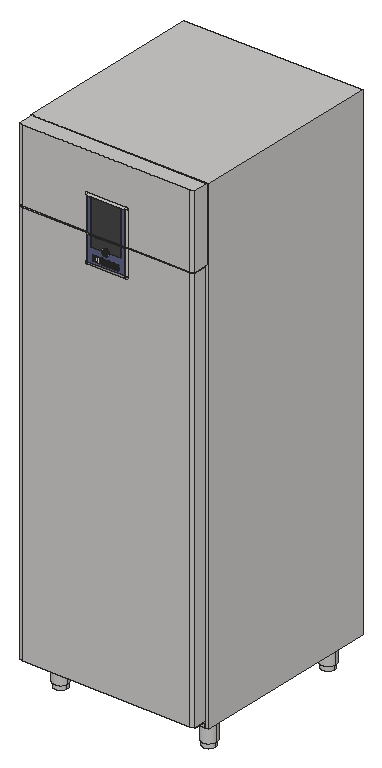
Revit family "QF_ELECTROLUXPROFESSIONAL_725383_ERX71GF", category Specialty Equipment, Revit 2018
Family settings
  Round Connector Dimension = Use Diameter
  Part Type = Normal
  Work Plane-Based = No
  Always vertical = Yes
  Cut with Voids When Loaded = No
  Shared = No
  Room Calculation Point = No
Parameters (values of type "Standard")
  Weight = 112.00 kg
  Watts = 0 W
  Volts = 220 V
  URL Manufacturer = "http://professional.electrolux.com"
  URL = "http://professional.electrolux.com"
  Steam Supply Size = 0 mm
  Steam Supply Minimum Pressure = 0.0 Pa
  Steam Supply Maximum Pressure = 0.0 Pa
  Steam Pounds per Hour = 0
  Refrigeration Suction Line Size = 0 mm
  Refrigeration Liquid Line Size = 0 mm
  Refrigerant Compressor Remote = yes
  Manufacturer = "Electrolux Professional"
  Phase = 1
  Model = "ERX71GF"
  Length Actual = 710 mm  # constant formula
  Item Number = "725383"
  Hot Water Size = 0 mm
  Height Actual = 2050 mm  # constant formula
  HP = "0.9 HP"
  Gas Size = 0 mm
  Gas KW = 0
  Gas Input Pressure = 0 W
  Direct Waste Size = 0 mm
  Description = "1-GLASS DOOR FREEZER 670L -20-15°C, DIGITAL, A304-R290"
  Depth Actual = 835 mm  # constant formula
  Cycle = 50 Hz
  Condensate Return Size = 0 mm
  Compressed Air Volume = 0.0 L/s
  Compressed Air Size = 0 mm
  Compressed Air Pressure = 0.0 Pa
  Cold Water Size = 0 mm
  Accessory = yes
Reference planes
  plane 1 "Center (Front/Back)": y = 0
  plane 2: z = 0
  plane 3 "Center (Left/Right)": x = 0
  plane 4 "BASE": z = 110
  plane 5 "TOP": z = 2050
  plane 6 "FRONT": y = -417.5
  plane 7 "BACK": y = 417.5
  plane 8 "LEFT": x = -355
  plane 9 "RIGHT": x = 355
  plane 10 "RO_X": y = -166.5
  plane 11 "RO_Y": x = -245
  plane 12 "REMOTE_Z": z = 1802
  plane 13 "RI_Y": x = -205
  plane 14 "RI_X": y = -187.5
Forms (mm)
  Extrusion 1, solid, material "QF_Finishes_Stainless Steel"
    sketch origin (0, 0, 0) x (1, 0, 0) y (0, 1, 0)
      loop
        circle (-278, 344.5) r 25
      loop
        circle (278, 344.5) r 25
      loop
        circle (-295, -269.5) r 25
      loop
        circle (295, -269.5) r 25
    from 0 to 20
  Extrusion 2, solid, material "QF_Finishes_Stainless Steel"
    sketch origin (0, 0, 0) x (1, 0, 0) y (0, 1, 0)
      loop
        circle (-278, 344.5) r 30
      loop
        circle (278, 344.5) r 30
      loop
        circle (295, -269.5) r 30
      loop
        circle (-295, -269.5) r 30
    from 20 to 110
  Extrusion 3, solid, material "QF_Finishes_Stainless Steel"
    sketch origin (0, 0, 110) x (-1, 0, 0) y (0, -1, 0)
      loop
        line (355, -417.5) -> (355, 345.5) -> (-355, 345.5) -> (-355, -417.5) -> (355, -417.5)
    from 0 to 1940
  Extrusion 4, solid
    sketch origin (0, 417.5, 1660) x (-1, 0, 0) y (0, 0, 1)
      loop
        circle (339, 124) r 10
    from 0 to 3.2
  Extrusion 5, solid, material "QF_Door-Drawer Clearances", detail levels coarse
    sketch origin (0, 0, 110) x (-1, 0, 0) y (0, -1, 0)
      loop
        line (-345, 409.5) -> (-283, 409.5) -> (-283, 1006.5) -> (-301, 1006.5) -> (-301, 1024.5) -> (-323, 1024.5) -> (-323, 1062.5) -> (-345, 1062.5) -> (-345, 409.5)
    from 1642.965 to 28
  Extrusion 6, solid, material "QF_Door-Drawer Clearances", detail levels coarse
    sketch origin (0, 0, 110) x (-1, 0, 0) y (0, -1, 0)
      loop
        line (-283, 409.5) -> (347, 409.5)
        arc (347, 409.5) -> (150.684, 878.295) -> (-323, 1062.5) r 650
        line (-323, 1062.5) -> (-323, 1024.5) -> (-301, 1024.5) -> (-301, 1006.5) -> (-283, 1006.5) -> (-283, 409.5)
    from 1642.965 to 28
  Extrusion 7, solid, material "QF_Clearances", detail levels coarse
    sketch origin (0, 0, 110) x (-1, 0, 0) y (0, -1, 0)
      loop
        line (355, 417.5) -> (355, -417.5) -> (-355, -417.5) -> (-355, 417.5) -> (-375, 417.5) -> (-375, -447.5) -> (375, -447.5) -> (375, 417.5) -> (355, 417.5)
    from -110 to 1940
  Extrusion 8, solid, material "QF_Clearances", detail levels coarse
    sketch origin (0, 0, 2050) x (-1, 0, 0) y (0, -1, 0)
      loop
        line (375, -447.5) -> (375, 417.5) -> (-375, 417.5) -> (-375, -447.5) -> (375, -447.5)
    from 0 to 500
  Extrusion 9, void
    sketch origin (0, 417.5, 0) x (-1, 0, 0) y (0, 0, 1)
      loop
        line (280, 1724.965) -> (-280, 1724.965) -> (-280, 180) -> (0, 170) -> (280, 179.676) -> (280, 1724.965)
    from -56 to -763
  Extrusion 10, solid, material "QF_Finishes_Stainless Steel"
    sketch origin (0, 0, 2050) x (-1, 0, 0) y (0, -1, 0)
      loop
        circle (245, 166.5) r 4.75
    from -141.254 to -29
  Extrusion 11, solid, material "QF_Finishes_Stainless Steel"
    sketch origin (0, 0, 0) x (0, 1, 0) y (0, 0, 1)
      loop
        circle (-187.5, 1855) r 3
    from -90.986 to -205
Cuts and joins
  joined: Extrusion 7, Extrusion 8
  Extrusion 9 cuts Extrusion 3
Lines and regions (mm)
  symbolic lines, style "SpecialityEquipmentHiddenLines"
    curve 1: line (345, -409.5, 110) -> (345, -1062.5, 110)
    curve 2: line (345, -1062.5, 110) -> (323, -1062.5, 110)
    curve 3: line (283, -409.5, 110) -> (283, -1006.5, 110)
    curve 4: line (323, -1062.5, 110) -> (323, -1024.5, 110)
    curve 5: line (323, -1024.5, 110) -> (301, -1024.5, 110)
    curve 6: line (301, -1024.5, 110) -> (301, -1006.5, 110)
    curve 7: line (301, -1006.5, 110) -> (283, -1006.5, 110)
    curve 8: arc (-347, -409.5, 110) -> (-150.684, -878.295, 110) -> (323, -1062.5, 110) r 650
  symbolic lines, style "QF_Clearances", detail levels coarse
    curve 9: line (-355, -417.5, 2050) -> (-375, -417.5, 2050)
    curve 10: line (-375, -417.5, 2050) -> (-375, 447.5, 2050)
    curve 11: line (-375, 447.5, 2050) -> (375, 447.5, 2050)
    curve 12: line (375, 447.5, 2050) -> (375, -417.5, 2050)
    curve 13: line (375, -417.5, 2050) -> (355, -417.5, 2050)
  symbolic lines
    curve 14: line (355, 417.5, 2050) -> (-355, 417.5, 2050)
    curve 15: line (355, -345.5, 2050) -> (355, 417.5, 2050)
    curve 16: line (-355, -345.5, 2050) -> (355, -345.5, 2050)
    curve 17: line (-355, 417.5, 2050) -> (-355, -345.5, 2050)
Dimensions and locks
  equal spacing: plane 7 "BACK", plane 1 "Center (Front/Back)", plane 6 "FRONT"
  equal spacing: plane 8 "LEFT", plane 3 "Center (Left/Right)", plane 9 "RIGHT"
  plane 8 "LEFT" to plane 9 "RIGHT" = 710 mm
  plane 7 "BACK" to plane 6 "FRONT" = 835 mm
  plane 5 "TOP" to plane 2 = 2050 mm
  plane 7 "BACK" to plane 10 "RO_X" = 584 mm
  plane 8 "LEFT" to plane 11 "RO_Y" = 110 mm
  Extrusion 10 to plane 12 "REMOTE_Z" = 219 mm
  plane 14 "RI_X" to plane 7 "BACK" = 605 mm
  aligned and locked: level to plane 2
Automatic sketch dimensions
  Extrusion 3 sketch curve to plane 7 "BACK" = 0 mm
  Extrusion 3 sketch curve to plane 9 "RIGHT" = 0 mm
  Extrusion 3 sketch curve to plane 8 "LEFT" = 0 mm
  plane 8 "LEFT" to Extrusion 4 sketch curve = 16 mm
  plane 4 "BASE" to Extrusion 4 sketch curve = 1674 mm
  plane 9 "RIGHT" to curve 1 = 10 mm
  curve 1 to curve 2 = 22 mm
  plane 6 "FRONT" to curve 8 = 4.692 mm
  curve 7 to plane 6 "FRONT" = 589 mm
  curve 6 to curve 5 = 18 mm
  curve 4 to curve 2 = 38 mm
  plane 6 "FRONT" to curve 8 = 8 mm
  plane 6 "FRONT" to curve 1 = 8 mm
  plane 6 "FRONT" to curve 3 = 8 mm
  plane 9 "RIGHT" to Extrusion 5 sketch curve = 10 mm
  Extrusion 5 sketch curve to plane 6 "FRONT" = 589 mm
  Extrusion 5 sketch curve to Extrusion 5 sketch curve = 18 mm
  Extrusion 5 sketch curve to Extrusion 5 sketch curve = 38 mm
  plane 6 "FRONT" to Extrusion 5 sketch curve = 8 mm
  plane 6 "FRONT" to Extrusion 6 sketch curve = 4.692 mm
  Extrusion 6 sketch curve to Extrusion 6 sketch curve = 18 mm  (x2)
  Extrusion 6 sketch curve to Extrusion 6 sketch curve = 38 mm
  plane 8 "LEFT" to Extrusion 6 sketch curve = 8 mm
  plane 6 "FRONT" to Extrusion 6 sketch curve = 8 mm
  Extrusion 7 sketch curve to plane 6 "FRONT" = 0 mm  (x2)
  Extrusion 7 sketch curve to plane 7 "BACK" = 0 mm
  Extrusion 7 sketch curve to plane 9 "RIGHT" = 0 mm
  Extrusion 7 sketch curve to plane 8 "LEFT" = 0 mm
  Extrusion 7 sketch curve to plane 9 "RIGHT" = 20 mm
  Extrusion 7 sketch curve to plane 8 "LEFT" = 20 mm
  plane 7 "BACK" to Extrusion 7 sketch curve = 30 mm
  Extrusion 8 sketch curve to plane 6 "FRONT" = 0 mm
  Extrusion 8 sketch curve to plane 9 "RIGHT" = 20 mm
  Extrusion 8 sketch curve to plane 8 "LEFT" = 20 mm
  plane 7 "BACK" to Extrusion 8 sketch curve = 30 mm
  plane 8 "LEFT" to Extrusion 1 sketch curve = 60 mm
  plane 8 "LEFT" to Extrusion 1 sketch curve = 77 mm
  plane 9 "RIGHT" to Extrusion 1 sketch curve = 77 mm
  plane 9 "RIGHT" to Extrusion 1 sketch curve = 60 mm
  plane 6 "FRONT" to Extrusion 1 sketch curve = 148 mm  (x2)
  Extrusion 1 sketch curve to plane 7 "BACK" = 73 mm  (x2)
  plane 8 "LEFT" to Extrusion 2 sketch curve = 60 mm
  plane 8 "LEFT" to Extrusion 2 sketch curve = 77 mm
  plane 9 "RIGHT" to Extrusion 2 sketch curve = 77 mm
  plane 9 "RIGHT" to Extrusion 2 sketch curve = 60 mm
  plane 6 "FRONT" to Extrusion 2 sketch curve = 148 mm  (x2)
  Extrusion 2 sketch curve to plane 7 "BACK" = 73 mm  (x2)
  plane 6 "FRONT" to Extrusion 3 sketch curve = 72 mm
  curve 1 to curve 8 = 42.008 mm
  curve 4 to curve 5 = 22 mm
  curve 6 to curve 3 = 18 mm
  plane 9 "RIGHT" to Extrusion 5 sketch curve = 32 mm
  Extrusion 5 sketch curve to Extrusion 5 sketch curve = 22 mm
  Extrusion 5 sketch curve to Extrusion 5 sketch curve = 62 mm
  plane 9 "RIGHT" to Extrusion 6 sketch curve = 72 mm
  Extrusion 6 sketch curve to Extrusion 6 sketch curve = 19.992 mm
  Extrusion 6 sketch curve to Extrusion 6 sketch curve = 22 mm
  Extrusion 9 sketch curve to plane 3 "Center (Left/Right)" = 0 mm
  plane 8 "LEFT" to Extrusion 9 sketch curve = 75 mm
  plane 4 "BASE" to Extrusion 9 sketch curve = 60 mm
  plane 4 "BASE" to Extrusion 9 sketch curve = 69.676 mm
  Extrusion 9 sketch curve to plane 5 "TOP" = 325.035 mm
  plane 9 "RIGHT" to Extrusion 9 sketch curve = 75 mm
  Extrusion 9 sketch curve to Extrusion 9 sketch curve = 0.324 mm
  Extrusion 10 sketch curve to plane 10 "RO_X" = 0 mm
  Extrusion 10 sketch curve to plane 11 "RO_Y" = 0 mm
  Extrusion 11 sketch curve to plane 10 "RO_X" = 21 mm
  Extrusion 11 sketch curve to plane 12 "REMOTE_Z" = 53 mm
  curve 12 to plane 6 "FRONT" = 0 mm
  curve 15 to plane 7 "BACK" = 0 mm
  curve 15 to plane 9 "RIGHT" = 0 mm
  curve 13 to plane 9 "RIGHT" = 0 mm
  curve 17 to plane 8 "LEFT" = 0 mm
  curve 9 to plane 6 "FRONT" = 0 mm
  curve 9 to plane 8 "LEFT" = 0 mm
  curve 12 to plane 9 "RIGHT" = 20 mm
  curve 9 to curve 10 = 20 mm
  plane 7 "BACK" to curve 12 = 30 mm
  plane 6 "FRONT" to curve 15 = 72 mm
  radius of Extrusion 1 sketch curve = 25 mm  (x4)
  radius of Extrusion 2 sketch curve = 30 mm  (x4)
  radius of Extrusion 4 sketch curve = 10 mm
  radius of Extrusion 10 sketch curve = 4.75 mm
  radius of Extrusion 11 sketch curve = 3 mm
Nested families
  nested 1: "QF_727885_Door" at (0, -345.5, 968.365) x (1, 0, 0) z (0, -1, 0), type "QF_727885_Door"
    with Show Clearance yes
  nested 2: "Refrigerator" at (355, -417.5, 2050), type "Refrigerator"
Connectors
  electrical at (-339, 420.7, 1784), driven by "Volts"
    settings: on Extrusion 4, index 2, voltage 220 V, apparent load 0 VA, apparent load phase1 0 VA, apparent load phase2 0 VA, apparent load phase3 0 VA, power factor 1, load classification "Other", number of poles 1, system type 30, power factor state 1, is connector primary yes, connector utility no, sub classification motor no, connector description "Electrical Connection"
  piping at (-245, -166.5, 2021)
    settings: on Extrusion 10, index 3, connector diameter 0 mm, connector inside diameter 609.6 mm, connector length 0 mm, flow factor 0, pipe flow 0.0 L/s, pressure drop 0.0 Pa, fitting loss kfactor 0, connector angle 0.00°, fixture units 0, engagement length 0 mm, angle of deflection 0.00°, flow configuration 1, flow direction 2, fitting loss method 0, system type 8, joint type 0, gender type 0, connector reference index -1, connector utility 0, adjustable connector no, is connector primary yes, connector description "Refrigerant Outlet"
  piping at (-205, -187.5, 1855)
    settings: on Extrusion 11, index 4, connector diameter 0 mm, connector inside diameter 609.6 mm, connector length 0 mm, flow factor 0, pipe flow 0.0 L/s, pressure drop 0.0 Pa, fitting loss kfactor 0, connector angle 0.00°, fixture units 0, engagement length 0 mm, angle of deflection 0.00°, flow configuration 1, flow direction 1, fitting loss method 0, system type 7, joint type 0, gender type 0, connector reference index -1, connector utility 0, adjustable connector no, is connector primary no, connector description "Refrigerant Inlet"
Definition of nested family "QF_727885_Door"
  Parameters
    Show Clearance [instance] = yes
    Model = "725239"
    Default Elevation = 1219.2 mm
  Reference planes
    plane 1 "Center (Front/Back)": y = 0
    plane 2: z = 0
    plane 3 "Center (Left/Right)": x = 0
  Forms (mm)
    Extrusion 1, solid
      sketch origin (0, -919.2, 0) x (1, 0, 0) y (0, 1, 0)
        loop
          line (-460, 2119.2) -> (-460, -162.846) -> (488.967, -162.846) -> (488.967, 2119.2) -> (-460, 2119.2)
      from 0 to -59.546
    Extrusion 2, solid
      sketch origin (0, 0, 0) x (1, 0, 0) y (0, 0, 1)
        loop
          line (-347, 60) -> (-347, 0) -> (347, 0) -> (347, 60) -> (332, 64) -> (-332, 64) -> (-347, 60)
      from -1081.6 to -791.6
    Extrusion 3, solid
      sketch origin (0, 0, 0) x (1, 0, 0) y (0, 0, 1)
        loop
          line (-347, 60) -> (-347, 26) -> (-325, 26) -> (-325, 8) -> (-307, 8) -> (-307, 0) -> (339, 0) -> (339, 8) -> (347, 8) -> (347, 60) -> (332, 64) -> (-332, 64) -> (-347, 60)
      from -784.6 to 830.4
    Extrusion 4, solid
      sketch origin (119, -516.365, 0) x (0, 1, 0) y (0, 0, 1)
        loop
          line (-323.003, 40.312) -> (-316.501, 40.312) -> (-316.501, 42.812) -> (-325.503, 42.812) -> (-325.503, 2.5) -> (-342, 2.5) -> (-342, 0) -> (-323.003, 0) -> (-323.003, 12.259) -> (-323.003, 40.312)
        loop
          line (-314, 38.311) -> (-316.501, 38.311) -> (-316.501, 14.304) -> (-319.752, 14.304) -> (-319.752, 11.804) -> (-314, 11.804) -> (-314, 38.311)
      from 185 to 220
    Extrusion 5, solid
      sketch origin (119, 469.597, 0) x (0, 1, 0) y (0, 0, 1)
        loop
          line (315.003, 27.948) -> (315.003, 2.948) -> (315.003, 0) -> (322.003, 0) -> (322.003, 2.5) -> (317.503, 2.5) -> (317.503, 27.948) -> (315.003, 27.948)
      from 185 to 220
  Lines and regions (mm)
    symbolic lines
      curve 1: line (-332, 0, 64) -> (332, 0, 64)
      curve 2: line (-347, 0, 0) -> (-347, 0, 60)
      curve 3: line (347, 0, 0) -> (-347, 0, 0)
      curve 4: line (347, 0, 60) -> (347, 0, 0)
      curve 5: line (-347, 0, 26) -> (-325, 0, 26)
      curve 6: line (-325, 0, 26) -> (-325, 0, 8)
      curve 7: line (-325, 0, 8) -> (-307, 0, 8)
      curve 8: line (-307, 0, 8) -> (-307, 0, 0)
      curve 9: line (339, 0, 8) -> (347, 0, 8)
      curve 10: line (339, 0, 8) -> (339, 0, 0)
      curve 11: line (347, 0, 60) -> (332, 0, 64)
      curve 12: line (-332, 0, 64) -> (-347, 0, 60)
  Dimensions and locks
    aligned and locked: plane 2 to Extrusion 1
    aligned and locked: level to Extrusion 1
  Nested families
    nested 1: "QF_DisplayPremiumCabinets" at (0, 803.6, 64), type "QF_DisplayPremiumCabinets"
      with Show Clearance yes
  Definition of nested family "QF_DisplayPremiumCabinets"
    Parameters
      Show Clearance [instance] = yes
      Model = "728658"
      Default Elevation = 1219.2 mm
    Reference planes
      plane 1 "Center (Front/Back)": y = 0
      plane 2: z = 0
      plane 3 "Center (Left/Right)": x = 0
    Forms (mm)
      Extrusion 1, solid
        sketch origin (0, -919.2, 0) x (1, 0, 0) y (0, 1, 0)
          loop
            line (-980.5, 2119.2) -> (-980.5, -162.846) -> (881.94, -162.846) -> (881.94, 2119.2) -> (-980.5, 2119.2)
        from 0 to -59.546
      Extrusion 2, solid
        sketch origin (-0.611, 0, 0) x (1, 0, 0) y (0, 1, 0)
          loop
            circle (0.611, -59) r 14
        from 5 to 7
      Extrusion 3, solid
        sketch origin (364.889, -803.635, 0) x (1, 0, 0) y (0, 1, 0)
          loop
            circle (-364.889, 744.635) r 10
          loop
            circle (-364.889, 744.635) r 9
        from 5 to 8
      Extrusion 4, solid
        sketch origin (364.889, -803.635, 0) x (1, 0, 0) y (0, 1, 0)
          loop
            circle (-364.889, 744.635) r 8.7
        from 5 to 8
      Extrusion 5, void
        sketch origin (-744.647, -424.488, 0) x (0, -1, 0) y (1, 0, 0)
          loop
            line (-372.339, 745.885) -> (-372.339, 743.385) -> (-362.339, 743.385) -> (-362.339, 745.885) -> (-372.339, 745.885)
        from 8.592 to 6.269
      Extrusion 6, solid
        sketch origin (365.5, -803.635, 0) x (1, 0, 0) y (0, 1, 0)
          loop
            line (-380.472, 718.596) -> (-387.909, 718.596) -> (-387.909, 709.937)
            arc (-387.909, 709.937) -> (-386.93, 707.574) -> (-384.567, 706.595) r 3.341
            line (-384.567, 706.595) -> (-380.329, 706.595) -> (-380.329, 708.538) -> (-384.084, 708.538)
            arc (-384.084, 708.538) -> (-385.317, 708.955) -> (-385.843, 710.147) r 1.615
            line (-385.843, 710.147) -> (-385.843, 711.864) -> (-380.794, 711.864) -> (-380.794, 713.813) -> (-385.843, 713.813) -> (-385.843, 716.652) -> (-380.472, 716.652) -> (-380.472, 718.596)
          loop
            line (-378.861, 718.596) -> (-378.861, 706.595) -> (-376.794, 706.595) -> (-376.794, 718.596) -> (-378.861, 718.596)
          loop
            line (-333.968, 718.596) -> (-333.968, 706.595) -> (-331.9, 706.595) -> (-331.9, 718.596) -> (-333.968, 718.596)
          loop
            line (-373.376, 710.427) -> (-366.593, 710.427)
            arc (-366.593, 710.427) -> (-367.654, 714.154) -> (-371.282, 715.512) r 4.298
            arc (-371.282, 715.512) -> (-374.477, 713.892) -> (-375.389, 710.427) r 4.373
            arc (-375.389, 710.427) -> (-374.189, 707.53) -> (-371.292, 706.33) r 4.097
            arc (-371.292, 706.33) -> (-369.037, 706.663) -> (-367.147, 707.936) r 5.15
            line (-367.147, 707.936) -> (-368.371, 709.16)
            arc (-368.371, 709.16) -> (-369.978, 708.196) -> (-371.846, 708.358) r 3.039
            arc (-371.846, 708.358) -> (-372.985, 709.116) -> (-373.376, 710.427) r 2.013
          loop
            line (-373.324, 711.881) -> (-368.669, 711.881)
            arc (-368.669, 711.881) -> (-369.323, 713.255) -> (-370.758, 713.761) r 1.983
            arc (-370.758, 713.761) -> (-372.414, 713.33) -> (-373.324, 711.881) r 2.321
          loop
            line (-358.536, 712.746) -> (-357.238, 714.044)
            arc (-357.238, 714.044) -> (-358.865, 715.222) -> (-360.843, 715.574) r 4.497
            arc (-360.843, 715.574) -> (-363.86, 714.472) -> (-365.443, 711.677) r 4.652
            arc (-365.443, 711.677) -> (-362.774, 706.778) -> (-357.311, 707.907) r 4.684
            line (-357.311, 707.907) -> (-358.602, 709.198)
            arc (-358.602, 709.198) -> (-361.388, 708.276) -> (-363.383, 710.427) r 2.714
            arc (-363.383, 710.427) -> (-363.244, 712.128) -> (-362.073, 713.37) r 2.578
            arc (-362.073, 713.37) -> (-360.199, 713.656) -> (-358.536, 712.746) r 2.961
          loop
            line (-355.968, 718.596) -> (-355.968, 710.395)
            arc (-355.968, 710.395) -> (-355.789, 709.165) -> (-355.329, 708.01) r 5.301
            arc (-355.329, 708.01) -> (-353.854, 706.837) -> (-351.985, 706.59) r 3.531
            line (-351.985, 706.59) -> (-351.985, 708.527)
            arc (-351.985, 708.527) -> (-352.541, 708.569) -> (-353.059, 708.774) r 1.862
            arc (-353.059, 708.774) -> (-353.723, 709.477) -> (-353.901, 710.427) r 1.713
            line (-353.901, 710.427) -> (-353.901, 713.397) -> (-352.024, 713.397) -> (-352.024, 715.275) -> (-353.901, 715.275) -> (-353.901, 718.596) -> (-355.968, 718.596)
          loop
            arc (-348.234, 711.158) -> (-348.087, 712.023) -> (-347.66, 712.79) r 2.607
            arc (-347.66, 712.79) -> (-346.422, 713.426) -> (-345.031, 713.397) r 2.84
            line (-345.031, 713.397) -> (-345.031, 715.383)
            arc (-345.031, 715.383) -> (-346.848, 715.212) -> (-348.234, 714.023) r 3.016
            line (-348.234, 714.023) -> (-348.234, 715.275) -> (-350.285, 715.275) -> (-350.285, 706.595) -> (-348.234, 706.595) -> (-348.234, 711.158)
          loop
            circle (-339.976, 710.933) r 4.599
          loop
            circle (-339.976, 710.933) r 2.787
          loop
            arc (-324.445, 710.21) -> (-324.956, 708.807) -> (-326.34, 708.247) r 1.835
            arc (-326.34, 708.247) -> (-327.725, 708.807) -> (-328.235, 710.21) r 1.835
            line (-328.235, 710.21) -> (-328.235, 715.274) -> (-330.32, 715.274) -> (-330.32, 710.038)
            arc (-330.32, 710.038) -> (-329.133, 707.334) -> (-326.34, 706.376) r 3.675
            arc (-326.34, 706.376) -> (-323.516, 707.363) -> (-322.362, 710.123) r 3.675
            line (-322.362, 710.123) -> (-322.362, 715.274) -> (-324.445, 715.274) -> (-324.445, 710.21)
          loop
            line (-321.112, 715.274) -> (-318.111, 711.199) -> (-321.409, 706.592) -> (-319.186, 706.592) -> (-316.998, 709.65) -> (-314.777, 706.592) -> (-312.569, 706.592) -> (-315.82, 711.246) -> (-312.847, 715.274) -> (-315.103, 715.274) -> (-317.005, 712.698) -> (-318.877, 715.274) -> (-321.112, 715.274)
          loop
            line (-386.746, 701.621) -> (-388.394, 701.621) -> (-388.394, 697.47) -> (-387.492, 697.47) -> (-387.492, 698.9) -> (-386.495, 698.9)
            arc (-386.495, 698.9) -> (-385.38, 700.375) -> (-386.746, 701.621) r 1.372
          loop
            arc (-386.535, 699.715) -> (-386.193, 700.249) -> (-386.535, 700.782) r 0.587
            line (-386.535, 700.782) -> (-387.492, 700.782) -> (-387.492, 699.715) -> (-386.535, 699.715)
          loop
            line (-380.234, 701.621) -> (-381.911, 701.621) -> (-381.911, 697.47) -> (-381.009, 697.47) -> (-381.009, 698.9) -> (-380.136, 698.9) -> (-379.539, 697.47) -> (-378.571, 697.47) -> (-379.387, 699.22)
            arc (-379.387, 699.22) -> (-378.996, 699.688) -> (-378.865, 700.283) r 1.281
            arc (-378.865, 700.283) -> (-379.277, 701.231) -> (-380.234, 701.621) r 1.37
          loop
            line (-381.009, 700.782) -> (-381.009, 699.715) -> (-380.051, 699.715)
            arc (-380.051, 699.715) -> (-379.71, 700.249) -> (-380.051, 700.782) r 0.587
            line (-380.051, 700.782) -> (-381.009, 700.782)
          loop
            circle (-373.272, 699.545) r 2.156
          loop
            circle (-373.272, 699.545) r 1.368
          loop
            line (-367.574, 701.62) -> (-367.574, 697.47) -> (-366.694, 697.47) -> (-366.694, 698.921) -> (-365.132, 698.921) -> (-365.132, 699.851) -> (-366.694, 699.851) -> (-366.694, 700.726) -> (-364.982, 700.726) -> (-364.982, 701.62) -> (-367.574, 701.62)
          loop
            line (-361.482, 701.62) -> (-361.482, 698.818)
            arc (-361.482, 698.818) -> (-361.1, 697.869) -> (-360.155, 697.474) r 1.327
            line (-360.155, 697.474) -> (-358.815, 697.474) -> (-358.815, 698.258) -> (-360.075, 698.258)
            arc (-360.075, 698.258) -> (-360.538, 698.641) -> (-360.629, 699.236) r 0.845
            line (-360.629, 699.236) -> (-358.971, 699.236) -> (-358.971, 700.02) -> (-360.629, 700.02) -> (-360.629, 700.837) -> (-358.856, 700.837) -> (-358.856, 701.62) -> (-361.482, 701.62)
          loop
            arc (-346.454, 701.095) -> (-347.003, 701.546) -> (-347.7, 701.689) r 1.485
            arc (-347.7, 701.689) -> (-348.343, 701.532) -> (-348.871, 701.133) r 1.645
            arc (-348.871, 701.133) -> (-348.969, 700.191) -> (-348.361, 699.464) r 1.217
            arc (-348.361, 699.464) -> (-347.85, 699.293) -> (-347.365, 699.059) r 4.201
            arc (-347.365, 699.059) -> (-347.058, 698.698) -> (-347.27, 698.274) r 0.43
            arc (-347.27, 698.274) -> (-347.662, 698.182) -> (-348.052, 698.281) r 0.846
            arc (-348.052, 698.281) -> (-348.389, 698.524) -> (-348.596, 698.885) r 0.983
            line (-348.596, 698.885) -> (-349.322, 698.546)
            arc (-349.322, 698.546) -> (-349.06, 698.042) -> (-348.639, 697.661) r 1.595
            arc (-348.639, 697.661) -> (-348.161, 697.457) -> (-347.644, 697.405) r 1.719
            arc (-347.644, 697.405) -> (-347.004, 697.532) -> (-346.428, 697.838) r 2.246
            arc (-346.428, 697.838) -> (-346.174, 698.515) -> (-346.305, 699.225) r 1.349
            arc (-346.305, 699.225) -> (-346.589, 699.553) -> (-346.952, 699.79) r 1.564
            arc (-346.952, 699.79) -> (-347.411, 699.994) -> (-347.881, 700.171) r 8.236
            arc (-347.881, 700.171) -> (-348.153, 700.593) -> (-347.76, 700.907) r 0.375
            arc (-347.76, 700.907) -> (-347.29, 700.794) -> (-346.928, 700.472) r 0.998
            line (-346.928, 700.472) -> (-346.454, 701.095)
          loop
            line (-342.646, 701.62) -> (-342.646, 697.474) -> (-341.794, 697.474) -> (-341.794, 701.62) -> (-342.646, 701.62)
          loop
            circle (-336.044, 699.547) r 1.29
          loop
            circle (-336.044, 699.547) r 2.154
          loop
            line (-330.323, 697.474) -> (-329.462, 697.474) -> (-329.462, 700.081) -> (-327.564, 697.474) -> (-326.736, 697.474) -> (-326.736, 701.62) -> (-327.597, 701.62) -> (-327.597, 698.934) -> (-329.494, 701.62) -> (-330.323, 701.62) -> (-330.323, 697.474)
          loop
            line (-322.436, 697.474) -> (-322.032, 698.368) -> (-320.498, 698.368) -> (-320.094, 697.474) -> (-319.178, 697.474) -> (-320.929, 701.62) -> (-321.729, 701.62) -> (-323.352, 697.474) -> (-322.436, 697.474)
          loop
            line (-320.881, 699.219) -> (-321.292, 700.13) -> (-321.691, 699.219) -> (-320.881, 699.219)
          loop
            line (-314.942, 698.258) -> (-314.942, 701.62) -> (-315.795, 701.62) -> (-315.795, 697.474) -> (-313.347, 697.474) -> (-313.347, 698.258) -> (-314.942, 698.258)
          loop
            arc (-352.671, 701.095) -> (-353.221, 701.546) -> (-353.917, 701.689) r 1.485
            arc (-353.917, 701.689) -> (-354.56, 701.532) -> (-355.089, 701.133) r 1.645
            arc (-355.089, 701.133) -> (-355.186, 700.191) -> (-354.579, 699.464) r 1.217
            arc (-354.579, 699.464) -> (-354.067, 699.293) -> (-353.582, 699.059) r 4.201
            arc (-353.582, 699.059) -> (-353.276, 698.698) -> (-353.487, 698.274) r 0.43
            arc (-353.487, 698.274) -> (-353.879, 698.182) -> (-354.269, 698.281) r 0.846
            arc (-354.269, 698.281) -> (-354.607, 698.524) -> (-354.813, 698.885) r 0.983
            line (-354.813, 698.885) -> (-355.539, 698.546)
            arc (-355.539, 698.546) -> (-355.278, 698.042) -> (-354.856, 697.661) r 1.595
            arc (-354.856, 697.661) -> (-354.378, 697.457) -> (-353.861, 697.405) r 1.719
            arc (-353.861, 697.405) -> (-353.222, 697.532) -> (-352.646, 697.838) r 2.246
            arc (-352.646, 697.838) -> (-352.391, 698.515) -> (-352.523, 699.225) r 1.349
            arc (-352.523, 699.225) -> (-352.806, 699.553) -> (-353.169, 699.79) r 1.564
            arc (-353.169, 699.79) -> (-353.628, 699.994) -> (-354.099, 700.171) r 8.236
            arc (-354.099, 700.171) -> (-354.37, 700.593) -> (-353.978, 700.907) r 0.375
            arc (-353.978, 700.907) -> (-353.507, 700.794) -> (-353.145, 700.472) r 0.998
            line (-353.145, 700.472) -> (-352.671, 701.095)
          loop
            line (-402.895, 718.39) -> (-402.895, 698.596)
            arc (-402.895, 698.596) -> (-395.578, 708.493) -> (-402.895, 718.39) r 10.352
          loop
            arc (-403.902, 718.39) -> (-412.134, 716.519) -> (-416.1, 709.067) r 10.145
            line (-416.1, 709.067) -> (-412.825, 709.067)
            arc (-412.825, 709.067) -> (-406.975, 711.441) -> (-403.902, 716.957) r 9.509
            line (-403.902, 716.957) -> (-403.902, 718.39)
          loop
            arc (-403.902, 700.029) -> (-406.975, 705.544) -> (-412.825, 707.919) r 9.509
            line (-412.825, 707.919) -> (-416.1, 707.919)
            arc (-416.1, 707.919) -> (-412.141, 700.405) -> (-403.902, 698.341) r 10.411
            line (-403.902, 698.341) -> (-403.902, 700.029)
          loop
            line (-416.852, 719.47) -> (-416.852, 697.47) -> (-394.822, 697.47) -> (-394.822, 719.47) -> (-416.852, 719.47)
        from 3 to 5.5
      Blend 7, solid
        base sketch origin (365.5, -803.635, 0) x (1, 0, 0) y (0, 1, 0)
          loop
            line (-439.797, 784.635) -> (-439.797, 685.635) -> (-291.203, 685.635) -> (-291.203, 784.635) -> (-439.797, 784.635)
        top sketch origin (365.5, -803.635, 0) x (1, 0, 0) y (0, 1, 0)
          loop
            line (-449.797, 784.635) -> (-449.797, 683.635)
            arc (-449.797, 683.635) -> (-447.454, 677.978) -> (-441.797, 675.635) r 8
            line (-441.797, 675.635) -> (-289.203, 675.635)
            arc (-289.203, 675.635) -> (-283.546, 677.978) -> (-281.203, 683.635) r 8
            line (-281.203, 683.635) -> (-281.203, 784.635) -> (-449.797, 784.635)
        from 5 to 0
      Blend 8, solid
        base sketch origin (365.5, -803.635, 0) x (1, 0, 0) y (0, 1, 0)
          loop
            line (-439.797, 791.635) -> (-291.203, 791.635) -> (-291.203, 921.635) -> (-439.797, 921.635) -> (-439.797, 791.635)
        top sketch origin (365.5, -803.635, 0) x (1, 0, 0) y (0, 1, 0)
          loop
            line (-281.203, 791.635) -> (-281.203, 923.635)
            arc (-281.203, 923.635) -> (-283.546, 929.291) -> (-289.203, 931.635) r 8
            line (-289.203, 931.635) -> (-441.797, 931.635)
            arc (-441.797, 931.635) -> (-447.454, 929.291) -> (-449.797, 923.635) r 8
            line (-449.797, 923.635) -> (-449.797, 791.635) -> (-281.203, 791.635)
        from 5 to 0
      Extrusion 9, solid
        sketch origin (-744.647, -424.488, 0) x (0, -1, 0) y (1, 0, 0)
          loop
            line (-372.339, 745.885) -> (-372.339, 743.385) -> (-362.339, 743.385) -> (-362.339, 745.885) -> (-372.339, 745.885)
        from 6 to 8
      Extrusion 10, solid
        sketch origin (0, 0, 0) x (1, 0, 0) y (0, 1, 0)
          loop
            line (-74.297, 118) -> (-74.297, -12) -> (-58.5, -12) -> (-58.5, 118) -> (-74.297, 118)
          loop
            line (74.297, -12) -> (74.297, 118) -> (58.5, 118) -> (58.5, -12) -> (74.297, -12)
        from 0 to 5
      Extrusion 11, solid
        sketch origin (0, 0, 0) x (1, 0, 0) y (0, 1, 0)
          loop
            line (-74.297, -118) -> (74.297, -118) -> (74.297, -19) -> (58.5, -19) -> (58.5, -58.988) -> (-58.5, -58.988) -> (-58.5, -19) -> (-74.297, -19) -> (-74.297, -118)
        from 0 to 5
      Extrusion 12, solid
        sketch origin (0, 0, 0) x (1, 0, 0) y (0, 1, 0)
          loop
            line (-58.5, -12) -> (58.5, -12) -> (58.5, 118) -> (-58.5, 118) -> (-58.5, -12)
          loop
            line (58.5, -19) -> (-58.5, -19) -> (-58.5, -58.988) -> (58.5, -58.988) -> (58.5, -19)
        from 0 to 5
      Extrusion 13, void
        sketch origin (0, 0, 0) x (1, 0, 0) y (0, 1, 0)
          loop
            line (-74.297, 118) -> (-74.297, -12) -> (74.297, -12) -> (74.297, 118) -> (-74.297, 118)
          loop
            line (74.297, -118) -> (74.297, -19) -> (-74.297, -19) -> (-74.297, -118) -> (74.297, -118)
        from 0 to 5
    Cuts and joins
      Extrusion 5, Extrusion 13 cuts Extrusion 4
      Extrusion 13 cuts Extrusion 6
      Extrusion 13 cuts Extrusion 2
      Extrusion 13 cuts Extrusion 3
      Extrusion 13 cuts Blend 7
      Extrusion 13 cuts Blend 8
      Extrusion 13 cuts Extrusion 9
    Lines and regions (mm)
      symbolic lines
        curve 1: line (10.611, 0, 8) -> (-9.389, 0, 8)
        curve 2: line (-84.297, 0, 0) -> (-74.297, 0, 5)
        curve 3: line (-74.297, 0, 5) -> (74.297, 0, 5)
        curve 4: line (74.297, 0, 5) -> (84.297, 0, 0)
        curve 5: line (-13.389, 0, 5) -> (-13.389, 0, 7)
        curve 6: line (-13.389, 0, 7) -> (14.611, 0, 7)
        curve 7: line (14.611, 0, 7) -> (14.611, 0, 5)
        curve 8: line (10.611, 0, 7) -> (10.611, 0, 8)
        curve 9: line (-9.389, 0, 7) -> (-9.389, 0, 8)
    Dimensions and locks
      aligned and locked: plane 2 to Extrusion 1
      aligned and locked: level to Extrusion 1
Definition of nested family "Refrigerator"
  Reference planes
    plane 1 "Center (Front/Back)": y = 0
    plane 2: z = 0
    plane 3 "Center (Left/Right)": x = 0
  Lines and regions (mm)
    detail lines, in view "Ref. Level"
      curve 1: spline (-500, 190, 0) -> (-493.185, 166.706, 0) -> (-473.205, 145, 0) -> (-441.421, 126.36, 0) -> (-400, 112.058, 0) -> (-351.764, 103.067, 0) -> (-300, 100, 0) -> (-248.236, 103.067, 0) -> (-200, 112.058, 0) -> (-158.579, 126.36, 0) -> (-126.795, 145, 0) -> (-106.815, 166.706, 0) -> (-100, 190, 0) -> (-106.815, 213.294, 0) -> (-126.795, 235, 0) -> (-158.579, 253.64, 0) -> (-200, 267.942, 0) -> (-248.236, 276.933, 0) -> (-300, 280, 0) -> (-351.764, 276.933, 0) -> (-400, 267.942, 0) -> (-441.421, 253.64, 0) -> (-473.205, 235, 0) -> (-493.185, 213.294, 0) -> (-500, 190, 0)
      curve 2: line (-300, 130, 0) -> (-300, 250, 0)
      curve 3: line (-351.962, 220, 0) -> (-248.038, 160, 0)
      curve 4: line (-351.962, 160, 0) -> (-248.038, 220, 0)
      curve 5: line (-280.884, 246.873, 0) -> (-300, 225, 0)
      curve 6: line (-300, 225, 0) -> (-319.116, 246.873, 0)
      curve 7: line (-330.311, 207.5, 0) -> (-339.696, 234.992, 0)
      curve 8: line (-358.812, 201.882, 0) -> (-330.311, 207.5, 0)
      curve 9: line (-330.311, 172.5, 0) -> (-358.812, 178.118, 0)
      curve 10: line (-339.696, 145.008, 0) -> (-330.311, 172.5, 0)
      curve 11: line (-300, 155, 0) -> (-319.116, 133.127, 0)
      curve 12: line (-280.884, 133.127, 0) -> (-300, 155, 0)
      curve 13: line (-269.689, 172.5, 0) -> (-260.304, 145.008, 0)
      curve 14: line (-241.188, 178.118, 0) -> (-269.689, 172.5, 0)
      curve 15: line (-269.689, 207.5, 0) -> (-241.188, 201.882, 0)
      curve 16: line (-260.304, 234.992, 0) -> (-269.689, 207.5, 0)
